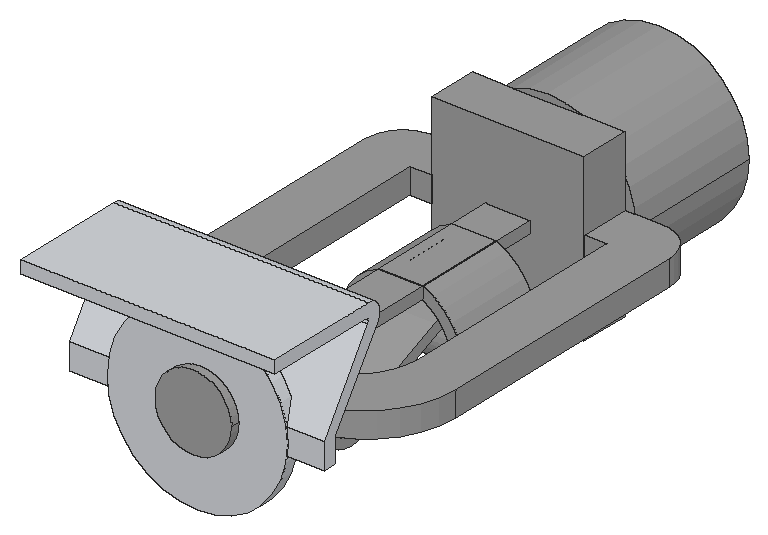
Revit family
Parameters (values of type "RASCO G HSW")
  Temperature Rating = 286 °F
  Response = (empty or 0)
  RASCO SIN # = "R1235"
  RASCO Part # = "GH3B"
  Pressure Rating = "175 PSI"
  Pressure Class = (empty or 0)
  Orifice Size = 1/2"
  Orifice = (empty or 0)
  Model = "G"
  Manufacturer = "RASCO"
  K-Factor = 5.62
  Description = "Bronze Finish"
  Coverage = (empty or 0)
Reference planes (in)
  plane 1 "Center (Front/Back)": y = 0
  plane 2: z = 0
  plane 3 "Center (Left/Right)": x = 0
Dimensions and locks (in)
  aligned and locked: plane 2 to level
Nested families (in)
  nested 1: "GH3B" at (0, 0, -0.5824), type "RASCO G HSW"
Connectors (in)
  piping at (-0.0055, 1.4375, 0.8551)
    settings: on nested 1, index 1, connector radius 0.43", flow factor 0, pipe flow 0 GPM, pressure drop 0.00 psi, fitting loss kfactor 0, connector angle 0.00°, fixture units 0, flow configuration 0, flow direction 0, fitting loss method 0, system type 7, connector reference index -1, connector utility 0, adjustable connector no, is connector primary yes, fitting loss table "", connector description ""
Definition of nested family "GH3B"
  Parameters (values of type "RASCO G HSW")
    Type Comments = ""
    Temperature Rating = 0 °F
    Response = (empty or 0)
    Pressure Rating = "0"
    Pressure Class = (empty or 0)
    Orifice Size = 0"
    Orifice = (empty or 0)
    Model = ""
    Manufacturer = ""
    K-Factor = 0
    Description = ""
    Coverage = (empty or 0)
    Assembly Code = ""
  Reference planes (in)
    plane 1 "Center (Front/Back)": y = 0
    plane 2: z = 0
    plane 3: x = -0.38065
    plane 4: x = 0.36935
    plane 5 "center": x = -0.00574
  Forms (in)
    Extrusion 1, solid, material "Default"
      sketch origin (-0.0055, 1.4375, 1.4375) x (-1, 0, 0) y (0, 0, -1)
        loop
          circle (0, 0) r 0.438
      from 0 to 0.6875
    Extrusion 2, solid, material "Default"
      sketch origin (0.11634, 0.75, 1.38573) x (-1, 0, 0) y (0, 0, -1)
        loop
          line (-0.2588, 0.356) -> (-0.2588, -0.4565) -> (0.4912, -0.4565) -> (0.4912, 0.356) -> (-0.2588, 0.356)
      from 0 to 0.25
    Extrusion 3, solid, material "Default"
      sketch origin (-0.0055, 1.4375, 1.4375) x (-1, 0, 0) y (0, -1, 0)
        loop
          line (-0.49248, 0.9375) -> (-0.49248, 2.10276)
          arc (-0.49248, 2.10276) -> (-0.40724, 2.30855) -> (-0.20145, 2.39379) r 0.29103
          line (-0.20145, 2.39379) -> (0.18108, 2.39379)
          arc (0.18108, 2.39379) -> (0.38905, 2.30765) -> (0.47519, 2.09969) r 0.29411
          line (0.47519, 2.09969) -> (0.47519, 0.9375) -> (0.36935, 0.9375) -> (0.36935, 0.6875) -> (0.55741, 0.6875)
          arc (0.55741, 0.6875) -> (0.69165, 0.7431) -> (0.74725, 0.87734) r 0.18984
          line (0.74725, 0.87734) -> (0.74725, 2.19113)
          arc (0.74725, 2.19113) -> (0.61669, 2.50631) -> (0.3015, 2.63687) r 0.44574
          line (0.3015, 2.63687) -> (-0.30719, 2.63687)
          arc (-0.30719, 2.63687) -> (-0.62225, 2.50637) -> (-0.75275, 2.19131) r 0.44556
          line (-0.75275, 2.19131) -> (-0.75275, 0.87876)
          arc (-0.75275, 0.87876) -> (-0.69673, 0.74352) -> (-0.56149, 0.6875) r 0.19126
          line (-0.56149, 0.6875) -> (-0.38065, 0.6875) -> (-0.38065, 0.9375) -> (-0.49248, 0.9375)
      from -0.06402 to 0.06098
    Extrusion 4, solid, material "Default"
      sketch origin (-0.00352, -1, 1.4375) x (1, 0, 0) y (0, 0, 1)
        loop
          circle (0.00574, -0.00152) r 0.1875
      from -0.04371 to 0.4375
    Extrusion 5, solid, material "Default"
      sketch origin (-0.0055, 0.5, 1.4375) x (1, 0, 0) y (0, 0, 1)
        loop
          line (-0.10175, -0.02852) -> (0.11324, -0.02852) -> (0.11324, 0.03101) -> (-0.10175, 0.03101) -> (-0.10175, -0.02852)
      from 0 to 1.45629
    Extrusion 6, solid, material "Default"
      sketch origin (0.00024, 1.51287, 1.447) x (0, 1, 0) y (0, 0, 1)
        loop
          line (-2.39379, 0.21198) -> (-2.39379, -0.229)
          arc (-2.39379, -0.229) -> (-2.26956, -0.41579) -> (-2.04926, -0.37342) r 0.20254
          arc (-2.04926, -0.37342) -> (-1.6599, -0.16721) -> (-1.22163, -0.12207) r 1.15319
          line (-1.22163, -0.12207) -> (-1.22163, -0.07087)
          arc (-1.22163, -0.07087) -> (-1.6782, -0.11947) -> (-2.0834, -0.33544) r 1.20419
          arc (-2.0834, -0.33544) -> (-2.24878, -0.36919) -> (-2.34279, -0.229) r 0.15154
          line (-2.34279, -0.229) -> (-2.34279, 0.21198) -> (-2.39379, 0.21198)
      from -0.17255 to 0.17398
    Extrusion 7, solid, material "Default"
      sketch origin (-0.0055, 1.4375, 1.4375) x (-1, 0, 0) y (0, 0, -1)
        loop
          arc (0.23993, 0.23051) -> (0.19768, 0.11115) -> (0.10175, 0.02852) r 0.24647
          line (0.10175, 0.02852) -> (-0.11324, 0.02852)
          arc (-0.11324, 0.02852) -> (-0.21767, 0.12447) -> (-0.25194, 0.2621) r 0.24647
          line (-0.25194, 0.2621) -> (-0.25194, 0.40777) -> (-0.30719, 0.40777) -> (-0.30719, 0.25942)
          arc (-0.30719, 0.25942) -> (-0.25653, 0.08328) -> (-0.11324, -0.03101) r 0.30157
          line (-0.11324, -0.03101) -> (0.10175, -0.03101)
          arc (0.10175, -0.03101) -> (0.24461, 0.08262) -> (0.29574, 0.25785) r 0.30157
          line (0.29574, 0.25785) -> (0.29574, 0.40777) -> (0.23993, 0.40777) -> (0.23993, 0.23051)
      from 1.14626 to 1.59756
    Extrusion 8, solid, material "Default"
      sketch origin (0.00024, 1.51287, 1.447) x (0, 1, 0) y (0, 0, 1)
        loop
          circle (-1.44728, -0.26892) r 0.13147
      from -0.24568 to 0.24619
  Cuts and joins
    joined: Extrusion 1, Extrusion 2
  Nested families (in)
    nested 1: "RASCO- F56H1B" at (-0.00574, -0.39016, 0.17609), type "RASCO F156 HSW"
  Definition of nested family "RASCO- F56H1B"
    Parameters (values of type "RASCO F156 HSW")
      Type Comments = ""
      Temperature Rating = 0 °F
      Response = (empty or 0)
      Pressure Rating = "0"
      Pressure Class = (empty or 0)
      Orifice Size = 0"
      Orifice = (empty or 0)
      Model = ""
      Manufacturer = ""
      K-Factor = 0
      Description = ""
      Coverage = (empty or 0)
      Assembly Code = ""
    Reference planes (in)
      plane 1 "Center (Front/Back)": y = 0
      plane 2: z = 0
      plane 3 "ref.2": z = 0.6875
      plane 4 "ref.3": z = 0.9375
      plane 5: x = -0.38065
      plane 6: x = 0.36935
      plane 7 "ref. side 1": y = 0.06402
      plane 8 "ref. side 2": y = -0.06098
      plane 9 "ref.4": z = 1.875
      plane 10 "ref.5": z = 2.3125
      plane 11 "ref.6": z = 2.4375
      plane 12 "center": x = -0.00574
    Forms (in)
      Extrusion 1, solid
        sketch origin (-0.01236, -0.89954, 1.2504) x (-1, 0, 0) y (0, 0, 1)
          loop
            circle (-0.00574, -0.00152) r 0.44275
        from -0.10531 to -0.03987
      Extrusion 2, solid
        sketch origin (-0.00662, 1.2679, 1.26334) x (0, -1, 0) y (0, 0, 1)
          loop
            line (2.27263, -0.06402) -> (2.27263, 0.06098) -> (2.00466, 0.4658)
            arc (2.00466, 0.4658) -> (2.00382, 0.48409) -> (2.01953, 0.49348) r 0.01783
            line (2.01953, 0.49348) -> (2.57559, 0.49348) -> (2.57559, 0.55848) -> (2.00257, 0.55848)
            arc (2.00257, 0.55848) -> (1.94355, 0.52319) -> (1.9467, 0.4545) r 0.067
            line (1.9467, 0.4545) -> (2.20719, 0.06098) -> (2.20719, -0.06402) -> (2.27263, -0.06402)
        from -0.62515 to 0.62904
